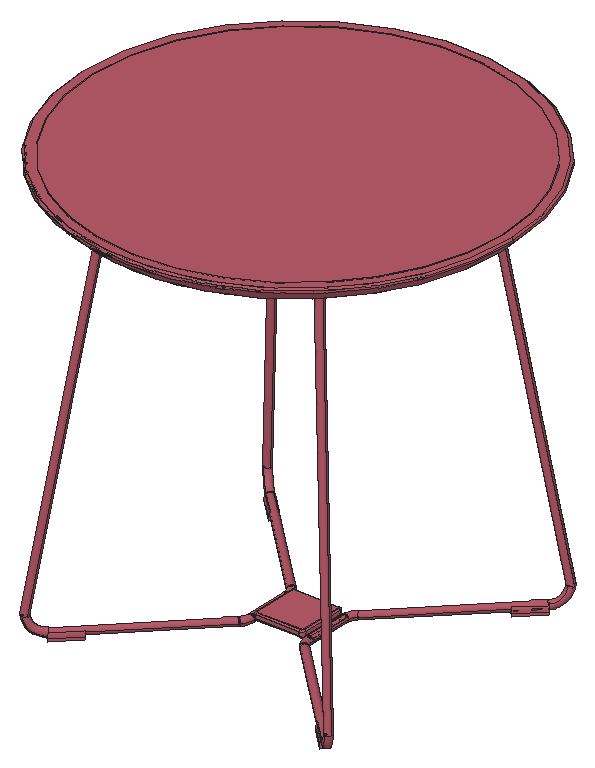
Revit family "LL-KNE-DNTRD30", category Furniture, Revit 2022
Family settings
  OmniClass Number = 23.40.20.00
  OmniClass Title = General Furniture and Specialties
  Work Plane-Based = No
  Always vertical = Yes
  Cut with Voids When Loaded = No
  Render Appearance Source = Family Geometry
  Shared = No
  Room Calculation Point = No
Parameters (values of type "LL-KNE-DNTRD30")
  URL = "https://lolldesigns.com/"
  Model = "LL-KNE-DNTRD30"
  Manufacturer = "Loll Designs"
  Finish Material = Loll-Apple Red
  Default Elevation = 0.000"
Reference planes (in)
  plane 1 "Center (Front/Back)": y = 0
  plane 2: z = 0
  plane 3 "Center (Left/Right)": x = 0
  plane 4: z = 28.38742
  plane 5: z = 29.38742
  plane 6: through (-6.42395, -6.0209, 47.24409) normal (0.7071, -0.7071, 0)
Forms (in)
  Sweep 1, solid, material "Loll-Apple Red" <- "Finish Material"
    path origin (-6.25778, -5.85473, 47.25676) x (0.707107, 0.707107, 0) y (0, 0, 1)
      loop
        line (-1.74969, -19.45766) -> (-6.37249, -45.67484)
    profile origin (-9.12941, -8.72636, 14.69051) x (0.696364, 0.696364, -0.173648) y (0.707107, -0.707107, 0)
      loop
        circle (0, 0.28263) r 0.25
  Sweep 2, solid, material "Loll-Apple Red" <- "Finish Material"
    path origin (-6.18958, -5.78653, 47.32222) x (0.707107, 0.707107, 0) y (0, 0, 1)
      loop
        arc (-6.45091, -45.6279) -> (-6.08848, -46.5029) -> (-5.21348, -46.86533) r 1.23744
    profile origin (-10.49478, -10.09173, 0.81932) x (0.5, 0.5, 0.707107) y (0.707107, -0.707107, 0)
      loop
        circle (0, 0.28726) r 0.25
  Sweep 3, solid, material "Loll-Apple Red" <- "Finish Material"
    path origin (-2.39058, -2.40433, 0) x (1, 0, 0) y (0, 1, 0)
      loop
        line (-7.28641, -7.26957) -> (0.13821, 0.15505)
    profile origin (-5.96469, -5.96159, 0) x (-0.707107, 0.707107, 0) y (0, 0, 1)
      loop
        circle (0, 0.45111) r 0.25
  Sweep 4, solid, material "Loll-Apple Red" <- "Finish Material"
    path origin (0, 0.01562, 0) x (1, 0, 0) y (0, 1, 0)
      loop
        line (-2.00118, 1.58626) -> (-2.00118, -1.59813)
    profile origin (-2.00118, 0.00969, 0) x (1, 0, 0) y (0, 0, 1)
      loop
        circle (0, 0.45313) r 0.25
  Sweep 5, solid, material "Loll-Apple Red" <- "Finish Material"
    path origin (0, 0, 0) x (1, 0, 0) y (0, 1, 0)
      loop
        arc (-2.29935, -2.3005) -> (-2.06549, -1.93106) -> (-2.00361, -1.49821) r 1.04304
    profile origin (-2.06549, -1.93106, 0) x (-0.938281, 0.345873, 0) y (0, 0, 1)
      loop
        circle (0, 0.45312) r 0.25
  Extrusion 6, solid, material "Loll-Apple Red" <- "Finish Material"
    sketch origin (0, 0, 0) x (1, 0, 0) y (0, 1, 0)
      loop
        arc (-3.95888, 1.8163) -> (-3.79955, 1.57784) -> (-3.7436, 1.29657) r 0.735
        line (-3.7436, 1.29657) -> (-3.7436, -1.29657)
        arc (-3.7436, -1.29657) -> (-3.79955, -1.57785) -> (-3.95888, -1.8163) r 0.735
        line (-3.95888, -1.8163) -> (-6.37829, -4.23571)
        arc (-6.37829, -4.23571) -> (-6.58368, -4.59892) -> (-6.57246, -5.01602) r 0.78003
        arc (-6.57246, -5.01602) -> (-6.49152, -5.1772) -> (-6.37829, -5.31759) r 0.847
        line (-6.37829, -5.31759) -> (-6.02474, -5.67115) -> (-2.55181, -2.19822)
        arc (-2.55181, -2.19822) -> (-2.49762, -2.11712) -> (-2.47859, -2.02145) r 0.25
        line (-2.47859, -2.02145) -> (-2.47859, 2.02145)
        arc (-2.47859, 2.02145) -> (-2.49762, 2.11712) -> (-2.55181, 2.19822) r 0.25
        line (-2.55181, 2.19822) -> (-6.02473, 5.67115) -> (-6.37829, 5.31759)
        arc (-6.37829, 5.31759) -> (-6.60236, 4.77665) -> (-6.37829, 4.23571) r 0.765
        line (-6.37829, 4.23571) -> (-3.95888, 1.8163)
      loop
        circle (-5.83736, 4.77665) r 0.23346
      loop
        circle (-3.2286, 0) r 0.23346
      loop
        circle (-5.84132, -4.77681) r 0.23346
    from 28.32662 to 28.38827
  Extrusion 7, solid, material "Loll-Apple Red" <- "Finish Material"
    sketch origin (0, 0, 0) x (1, 0, 0) y (0, 1, 0)
      loop
        line (1.50001, 1.625) -> (-1.49999, 1.625)
        arc (-1.49999, 1.625) -> (-1.58838, 1.58839) -> (-1.62499, 1.5) r 0.125
        line (-1.62499, 1.5) -> (-1.62499, -1.5)
        arc (-1.62499, -1.5) -> (-1.58838, -1.58839) -> (-1.49999, -1.625) r 0.125
        line (-1.49999, -1.625) -> (1.50001, -1.625)
        arc (1.50001, -1.625) -> (1.5884, -1.58839) -> (1.62501, -1.5) r 0.125
        line (1.62501, -1.5) -> (1.62501, 1.5)
        arc (1.62501, 1.5) -> (1.5884, 1.58839) -> (1.50001, 1.625) r 0.125
    from 0.51242 to 1.01242
  Sweep 8, solid, material "Loll-Apple Red" <- "Finish Material"
    path origin (0, 0, 0) x (1, 0, 0) y (0, 1, 0)
      loop
        line (-1.62499, 1.5) -> (-1.62499, -1.5)
        arc (-1.62499, -1.5) -> (-1.58838, -1.58839) -> (-1.49999, -1.625) r 0.125
        line (-1.49999, -1.625) -> (1.50001, -1.625)
        arc (1.50001, -1.625) -> (1.5884, -1.58839) -> (1.62501, -1.5) r 0.125
        line (1.62501, -1.5) -> (1.62501, 1.5)
        arc (1.62501, 1.5) -> (1.5884, 1.58839) -> (1.50001, 1.625) r 0.125
        line (1.50001, 1.625) -> (-1.49999, 1.625)
        arc (-1.49999, 1.625) -> (-1.58838, 1.58839) -> (-1.62499, 1.5) r 0.125
    profile origin (-1.62499, 0, 0) x (1, 0, 0) y (0, 0, 1)
      loop
        line (0, 0.51242) -> (0, 1.01242) -> (-0.125, 0.88742) -> (-0.125, 0.63742) -> (0, 0.51242)
  Extrusion 9, solid, material "Loll-Apple Red" <- "Finish Material"
    sketch origin (0, 0, 0) x (1, 0, 0) y (0, 1, 0)
      loop
        circle (0, -0.00045) r 14.26253
    from 28.38742 to 29.38742
  Sweep 10, solid, material "Loll-Apple Red" <- "Finish Material"
    path origin (0, 0, 0) x (1, 0, 0) y (0, 1, 0)
      loop
        circle (0, -0.00045) r 14.26253
    profile origin (0, -14.26298, 0) x (0, 1, 0) y (0, 0, 1)
      loop
        line (0, 28.38742) -> (0, 29.38742) -> (-0.61218, 29.38742) -> (-0.73597, 29.26363) -> (-0.73597, 29.12339) -> (0, 28.38742)
  Extrusion 11, solid, material "Loll-Apple Red" <- "Finish Material"
    sketch origin (7.01664, -28.98455, 30.21684) x (0.004122, 0.004122, -0.999983) y (-0.707107, 0.707107, 0)
      loop
        line (30.21382, 25.15199) -> (30.21382, 25.76762) -> (30.02911, 25.76762)
        arc (30.02911, 25.76762) -> (29.85269, 25.76072) -> (29.68455, 25.70687) r 0.65374
        line (29.68455, 25.70687) -> (29.68455, 25.21275)
        arc (29.68455, 25.21275) -> (29.85269, 25.15889) -> (30.02911, 25.15199) r 0.65374
        line (30.02911, 25.15199) -> (30.21382, 25.15199)
    from 1.67388 to 3.67818
  Extrusion 12, solid, material "Loll-Apple Red" <- "Finish Material"
    sketch origin (-7.01664, -28.98455, 30.21684) x (-0.004122, 0.004122, -0.999983) y (-0.707107, -0.707107, 0)
      loop
        line (30.21382, -25.15199) -> (30.02911, -25.15199)
        arc (30.02911, -25.15199) -> (29.85269, -25.15889) -> (29.68455, -25.21275) r 0.65374
        line (29.68455, -25.21275) -> (29.68455, -25.70687)
        arc (29.68455, -25.70687) -> (29.85269, -25.76072) -> (30.02911, -25.76762) r 0.65374
        line (30.02911, -25.76762) -> (30.21382, -25.76762) -> (30.21382, -25.15199)
    from 1.67388 to 3.67818
  Extrusion 13, void
    sketch origin (0, 0, 0) x (1, 0, 0) y (0, 1, 0)
      loop
        line (-7.00444, -7.40749) -> (-1.41895, -1.82201)
        arc (-1.41895, -1.82201) -> (-1.48335, -1.48335) -> (-1.822, -1.41895) r 0.30638
        line (-1.822, -1.41895) -> (-7.40749, -7.00444)
        arc (-7.40749, -7.00444) -> (-7.34309, -7.34309) -> (-7.00444, -7.40749) r 0.30638
    from 28.25931 to 28.82492
  Sweep 14, solid, material "Loll-Apple Red" <- "Finish Material"
    path origin (0, 0, 0) x (1, 0, 0) y (0, 1, 0)
      loop
        line (-6.60334, -6.58404) -> (-1.62499, -1.60569)
    profile origin (-4.11417, -4.09487, 0) x (-0.707107, 0.707107, 0) y (0, 0, 1)
      loop
        circle (0, 28.5625) r 0.25
  Sweep 15, solid, material "Loll-Apple Red" <- "Finish Material"
    path origin (-6.17256, -5.76951, 47.25377) x (0.707107, 0.707107, 0) y (0, 0, 1)
      loop
        arc (-0.78546, -18.6532) -> (-1.45371, -18.94234) -> (-1.87547, -19.53587) r 1.35359
    profile origin (-7.20048, -6.79743, 28.31142) x (0.444997, 0.444997, -0.777146) y (0.707107, -0.707107, 0)
      loop
        circle (-0.01285, 0.28359) r 0.25
  Extrusion 16, void
    sketch origin (0, 0, 0) x (1, 0, 0) y (0, 1, 0)
      loop
        arc (-7.00444, 7.40749) -> (-7.34309, 7.34309) -> (-7.40749, 7.00444) r 0.30638
        line (-7.40749, 7.00444) -> (-1.822, 1.41895)
        arc (-1.822, 1.41895) -> (-1.48335, 1.48335) -> (-1.41895, 1.82201) r 0.30638
        line (-1.41895, 1.82201) -> (-7.00444, 7.40749)
    from 28.25931 to 28.82492
  Extrusion 17, void
    sketch origin (0, 0, 0) x (-1, 0, 0) y (0, -1, 0)
      loop
        arc (-7.00444, 7.40749) -> (-7.34309, 7.34309) -> (-7.40749, 7.00444) r 0.30638
        line (-7.40749, 7.00444) -> (-1.822, 1.41895)
        arc (-1.822, 1.41895) -> (-1.48335, 1.48335) -> (-1.41895, 1.82201) r 0.30638
        line (-1.41895, 1.82201) -> (-7.00444, 7.40749)
    from 28.25931 to 28.82492
  Extrusion 18, void
    sketch origin (0, 0, 0) x (-1, 0, 0) y (0, -1, 0)
      loop
        line (-7.00444, -7.40749) -> (-1.41895, -1.82201)
        arc (-1.41895, -1.82201) -> (-1.48335, -1.48335) -> (-1.822, -1.41895) r 0.30638
        line (-1.822, -1.41895) -> (-7.40749, -7.00444)
        arc (-7.40749, -7.00444) -> (-7.34309, -7.34309) -> (-7.00444, -7.40749) r 0.30638
    from 28.25931 to 28.82492
  Sweep 19, solid, material "Loll-Apple Red" <- "Finish Material"
    path origin (-6.25778, 5.85473, 47.25676) x (0.707107, -0.707107, 0) y (0, 0, -1)
      loop
        line (-1.74969, 19.45766) -> (-6.37249, 45.67484)
    profile origin (-9.12941, 8.72636, 14.69051) x (-0.696364, 0.696364, 0.173648) y (0.707107, 0.707107, 0)
      loop
        circle (0, 0.28263) r 0.25
  Sweep 20, solid, material "Loll-Apple Red" <- "Finish Material"
    path origin (-6.18958, 5.78653, 47.32222) x (0.707107, -0.707107, 0) y (0, 0, -1)
      loop
        arc (-6.45091, 45.6279) -> (-6.08848, 46.5029) -> (-5.21348, 46.86533) r 1.23744
    profile origin (-10.49478, 10.09173, 0.81932) x (-0.5, 0.5, -0.707107) y (0.707107, 0.707107, 0)
      loop
        circle (0, 0.28726) r 0.25
  Sweep 21, solid, material "Loll-Apple Red" <- "Finish Material"
    path origin (-2.39058, 2.40433, 0) x (1, 0, 0) y (0, 1, 0)
      loop
        line (-7.28641, 7.26957) -> (0.13821, -0.15505)
    profile origin (-5.96469, 5.96159, 0) x (0.707107, 0.707107, 0) y (0, 0, 1)
      loop
        circle (0, 0.45111) r 0.25
  Sweep 22, solid, material "Loll-Apple Red" <- "Finish Material"
    path origin (0, -0.01562, 0) x (1, 0, 0) y (0, 1, 0)
      loop
        line (-2.00118, -1.58626) -> (-2.00118, 1.59813)
    profile origin (-2.00118, -0.00969, 0) x (-1, 0, 0) y (0, 0, 1)
      loop
        circle (0, 0.45313) r 0.25
  Sweep 23, solid, material "Loll-Apple Red" <- "Finish Material"
    path origin (0, 0, 0) x (1, 0, 0) y (0, 1, 0)
      loop
        arc (-2.29935, 2.3005) -> (-2.06549, 1.93106) -> (-2.00361, 1.49821) r 1.04304
    profile origin (-2.06549, 1.93106, 0) x (0.938281, 0.345873, 0) y (0, 0, 1)
      loop
        circle (0, 0.45312) r 0.25
  Extrusion 24, solid, material "Loll-Apple Red" <- "Finish Material"
    sketch origin (7.01664, 28.98455, 30.21684) x (0.004122, -0.004122, -0.999983) y (0.707107, 0.707107, 0)
      loop
        line (30.21382, -25.15199) -> (30.02911, -25.15199)
        arc (30.02911, -25.15199) -> (29.85269, -25.15889) -> (29.68455, -25.21275) r 0.65374
        line (29.68455, -25.21275) -> (29.68455, -25.70687)
        arc (29.68455, -25.70687) -> (29.85269, -25.76072) -> (30.02911, -25.76762) r 0.65374
        line (30.02911, -25.76762) -> (30.21382, -25.76762) -> (30.21382, -25.15199)
    from 1.67388 to 3.67818
  Sweep 25, solid, material "Loll-Apple Red" <- "Finish Material"
    path origin (0, 0, 0) x (1, 0, 0) y (0, 1, 0)
      loop
        line (-6.60334, 6.58404) -> (-1.62499, 1.60569)
    profile origin (-4.11417, 4.09487, 0) x (0.707107, 0.707107, 0) y (0, 0, 1)
      loop
        circle (0, 28.5625) r 0.25
  Sweep 26, solid, material "Loll-Apple Red" <- "Finish Material"
    path origin (-6.17256, 5.76951, 47.25377) x (0.707107, -0.707107, 0) y (0, 0, -1)
      loop
        arc (-0.78546, 18.6532) -> (-1.45371, 18.94234) -> (-1.87547, 19.53587) r 1.35359
    profile origin (-7.20048, 6.79743, 28.31142) x (-0.444997, 0.444997, 0.777146) y (0.707107, 0.707107, 0)
      loop
        circle (0.01285, 0.28359) r 0.25
  Sweep 27, solid, material "Loll-Apple Red" <- "Finish Material"
    path origin (6.25778, -5.85473, 47.25676) x (-0.707107, 0.707107, 0) y (0, 0, -1)
      loop
        line (-1.74969, 19.45766) -> (-6.37249, 45.67484)
    profile origin (9.12941, -8.72636, 14.69051) x (0.696364, -0.696364, 0.173648) y (-0.707107, -0.707107, 0)
      loop
        circle (0, 0.28263) r 0.25
  Sweep 28, solid, material "Loll-Apple Red" <- "Finish Material"
    path origin (6.18958, -5.78653, 47.32222) x (-0.707107, 0.707107, 0) y (0, 0, -1)
      loop
        arc (-6.45091, 45.6279) -> (-6.08848, 46.5029) -> (-5.21348, 46.86533) r 1.23744
    profile origin (10.49478, -10.09173, 0.81932) x (0.5, -0.5, -0.707107) y (-0.707107, -0.707107, 0)
      loop
        circle (0, 0.28726) r 0.25
  Sweep 29, solid, material "Loll-Apple Red" <- "Finish Material"
    path origin (2.39058, -2.40433, 0) x (-1, 0, 0) y (0, -1, 0)
      loop
        line (-7.28641, 7.26957) -> (0.13821, -0.15505)
    profile origin (5.96469, -5.96159, 0) x (-0.707107, -0.707107, 0) y (0, 0, 1)
      loop
        circle (0, 0.45111) r 0.25
  Sweep 30, solid, material "Loll-Apple Red" <- "Finish Material"
    path origin (0, 0.01562, 0) x (-1, 0, 0) y (0, -1, 0)
      loop
        line (-2.00118, -1.58626) -> (-2.00118, 1.59813)
    profile origin (2.00118, 0.00969, 0) x (1, 0, 0) y (0, 0, 1)
      loop
        circle (0, 0.45313) r 0.25
  Sweep 31, solid, material "Loll-Apple Red" <- "Finish Material"
    path origin (0, 0, 0) x (-1, 0, 0) y (0, -1, 0)
      loop
        arc (-2.29935, 2.3005) -> (-2.06549, 1.93106) -> (-2.00361, 1.49821) r 1.04304
    profile origin (2.06549, -1.93106, 0) x (-0.938281, -0.345873, 0) y (0, 0, 1)
      loop
        circle (0, 0.45312) r 0.25
  Extrusion 32, solid, material "Loll-Apple Red" <- "Finish Material"
    sketch origin (-7.01664, -28.98455, 30.21684) x (-0.004122, 0.004122, -0.999983) y (-0.707107, -0.707107, 0)
      loop
        line (30.21382, -25.15199) -> (30.02911, -25.15199)
        arc (30.02911, -25.15199) -> (29.85269, -25.15889) -> (29.68455, -25.21275) r 0.65374
        line (29.68455, -25.21275) -> (29.68455, -25.70687)
        arc (29.68455, -25.70687) -> (29.85269, -25.76072) -> (30.02911, -25.76762) r 0.65374
        line (30.02911, -25.76762) -> (30.21382, -25.76762) -> (30.21382, -25.15199)
    from 1.67388 to 3.67818
  Sweep 33, solid, material "Loll-Apple Red" <- "Finish Material"
    path origin (0, 0, 0) x (-1, 0, 0) y (0, -1, 0)
      loop
        line (-6.60334, 6.58404) -> (-1.62499, 1.60569)
    profile origin (4.11417, -4.09487, 0) x (-0.707107, -0.707107, 0) y (0, 0, 1)
      loop
        circle (0, 28.5625) r 0.25
  Sweep 34, solid, material "Loll-Apple Red" <- "Finish Material"
    path origin (6.17256, -5.76951, 47.25377) x (-0.707107, 0.707107, 0) y (0, 0, -1)
      loop
        arc (-0.78546, 18.6532) -> (-1.45371, 18.94234) -> (-1.87547, 19.53587) r 1.35359
    profile origin (7.20048, -6.79743, 28.31142) x (0.444997, -0.444997, 0.777146) y (-0.707107, -0.707107, 0)
      loop
        circle (0.01285, 0.28359) r 0.25
  Sweep 35, solid, material "Loll-Apple Red" <- "Finish Material"
    path origin (6.25778, 5.85473, 47.25676) x (-0.707107, -0.707107, 0) y (0, 0, 1)
      loop
        line (-1.74969, -19.45766) -> (-6.37249, -45.67484)
    profile origin (9.12941, 8.72636, 14.69051) x (-0.696364, -0.696364, -0.173648) y (-0.707107, 0.707107, 0)
      loop
        circle (0, 0.28263) r 0.25
  Sweep 36, solid, material "Loll-Apple Red" <- "Finish Material"
    path origin (6.18958, 5.78653, 47.32222) x (-0.707107, -0.707107, 0) y (0, 0, 1)
      loop
        arc (-6.45091, -45.6279) -> (-6.08848, -46.5029) -> (-5.21348, -46.86533) r 1.23744
    profile origin (10.49478, 10.09173, 0.81932) x (-0.5, -0.5, 0.707107) y (-0.707107, 0.707107, 0)
      loop
        circle (0, 0.28726) r 0.25
  Sweep 37, solid, material "Loll-Apple Red" <- "Finish Material"
    path origin (2.39058, 2.40433, 0) x (-1, 0, 0) y (0, -1, 0)
      loop
        line (-7.28641, -7.26957) -> (0.13821, 0.15505)
    profile origin (5.96469, 5.96159, 0) x (0.707107, -0.707107, 0) y (0, 0, 1)
      loop
        circle (0, 0.45111) r 0.25
  Sweep 38, solid, material "Loll-Apple Red" <- "Finish Material"
    path origin (0, -0.01562, 0) x (-1, 0, 0) y (0, -1, 0)
      loop
        line (-2.00118, 1.58626) -> (-2.00118, -1.59813)
    profile origin (2.00118, -0.00969, 0) x (-1, 0, 0) y (0, 0, 1)
      loop
        circle (0, 0.45313) r 0.25
  Sweep 39, solid, material "Loll-Apple Red" <- "Finish Material"
    path origin (0, 0, 0) x (-1, 0, 0) y (0, -1, 0)
      loop
        arc (-2.29935, -2.3005) -> (-2.06549, -1.93106) -> (-2.00361, -1.49821) r 1.04304
    profile origin (2.06549, 1.93106, 0) x (0.938281, -0.345873, 0) y (0, 0, 1)
      loop
        circle (0, 0.45312) r 0.25
  Extrusion 40, solid, material "Loll-Apple Red" <- "Finish Material"
    sketch origin (-7.01664, 28.98455, 30.21684) x (-0.004122, -0.004122, -0.999983) y (0.707107, -0.707107, 0)
      loop
        line (30.21382, 25.15199) -> (30.21382, 25.76762) -> (30.02911, 25.76762)
        arc (30.02911, 25.76762) -> (29.85269, 25.76072) -> (29.68455, 25.70687) r 0.65374
        line (29.68455, 25.70687) -> (29.68455, 25.21275)
        arc (29.68455, 25.21275) -> (29.85269, 25.15889) -> (30.02911, 25.15199) r 0.65374
        line (30.02911, 25.15199) -> (30.21382, 25.15199)
    from 1.67388 to 3.67818
  Sweep 41, solid, material "Loll-Apple Red" <- "Finish Material"
    path origin (0, 0, 0) x (-1, 0, 0) y (0, -1, 0)
      loop
        line (-6.60334, -6.58404) -> (-1.62499, -1.60569)
    profile origin (4.11417, 4.09487, 0) x (0.707107, -0.707107, 0) y (0, 0, 1)
      loop
        circle (0, 28.5625) r 0.25
  Sweep 42, solid, material "Loll-Apple Red" <- "Finish Material"
    path origin (6.17256, 5.76951, 47.25377) x (-0.707107, -0.707107, 0) y (0, 0, 1)
      loop
        arc (-0.78546, -18.6532) -> (-1.45371, -18.94234) -> (-1.87547, -19.53587) r 1.35359
    profile origin (7.20048, 6.79743, 28.31142) x (-0.444997, -0.444997, -0.777146) y (-0.707107, 0.707107, 0)
      loop
        circle (-0.01285, 0.28359) r 0.25
  Extrusion 43, solid, material "Loll-Apple Red" <- "Finish Material"
    sketch origin (0, 0, 0) x (1, 0, 0) y (0, 1, 0)
      loop
        line (-0.74999, 1.375) -> (-1.49999, 1.375) -> (-1.67688, 1.29966) -> (-1.74999, 1.125) -> (-1.74999, -1.125) -> (-1.67677, -1.30358) -> (-1.49999, -1.375) -> (-0.74999, -1.375) -> (-0.57321, -1.30358) -> (-0.49999, -1.125) -> (-0.49999, 1.125) -> (-0.5731, 1.29966) -> (-0.74999, 1.375)
      loop
        circle (-1.12245, 0.87539) r 0.23147
      loop
        circle (-1.12245, -0.87461) r 0.23147
      loop
        line (0.74999, 1.375) -> (0.5731, 1.29966) -> (0.49999, 1.125) -> (0.49999, -1.125) -> (0.57321, -1.30358) -> (0.74999, -1.375) -> (1.49999, -1.375) -> (1.67677, -1.30358) -> (1.74999, -1.125) -> (1.74999, 1.125) -> (1.67688, 1.29966) -> (1.49999, 1.375) -> (0.74999, 1.375)
      loop
        circle (1.12245, 0.87539) r 0.23147
      loop
        circle (1.12245, -0.87461) r 0.23147
    from 0.38912 to 0.51242
  Extrusion 44, void
    sketch origin (0, 0, 0) x (1, 0, 0) y (0, 1, 0)
      loop
        line (-0.42474, -0.69784) -> (0.42474, -0.69784) -> (0.57497, -0.63714) -> (0.63518, -0.48812) -> (0.63518, 0.48767) -> (0.57367, 0.63582) -> (0.42512, 0.69736) -> (0, 0.69736) -> (-0.42512, 0.69736) -> (-0.57367, 0.63582) -> (-0.63518, 0.48767) -> (-0.63518, -0.48812) -> (-0.57497, -0.63714) -> (-0.42474, -0.69784)
    from 28.29716 to 28.44992
  Extrusion 45, solid, material "Loll-Apple Red" <- "Finish Material"
    sketch origin (0, 0, 0) x (-1, 0, 0) y (0, -1, 0)
      loop
        line (-3.95888, -1.8163) -> (-6.37829, -4.23571)
        arc (-6.37829, -4.23571) -> (-6.60236, -4.77665) -> (-6.37829, -5.31759) r 0.765
        line (-6.37829, -5.31759) -> (-6.02473, -5.67115) -> (-2.55181, -2.19822)
        arc (-2.55181, -2.19822) -> (-2.49762, -2.11712) -> (-2.47859, -2.02145) r 0.25
        line (-2.47859, -2.02145) -> (-2.47859, 2.02145)
        arc (-2.47859, 2.02145) -> (-2.49762, 2.11712) -> (-2.55181, 2.19822) r 0.25
        line (-2.55181, 2.19822) -> (-6.02474, 5.67115) -> (-6.37829, 5.31759)
        arc (-6.37829, 5.31759) -> (-6.49152, 5.1772) -> (-6.57246, 5.01602) r 0.847
        arc (-6.57246, 5.01602) -> (-6.58368, 4.59892) -> (-6.37829, 4.23571) r 0.78003
        line (-6.37829, 4.23571) -> (-3.95888, 1.8163)
        arc (-3.95888, 1.8163) -> (-3.79955, 1.57785) -> (-3.7436, 1.29657) r 0.735
        line (-3.7436, 1.29657) -> (-3.7436, -1.29657)
        arc (-3.7436, -1.29657) -> (-3.79955, -1.57784) -> (-3.95888, -1.8163) r 0.735
      loop
        circle (-5.83736, -4.77665) r 0.23346
      loop
        circle (-3.2286, 0) r 0.23346
      loop
        circle (-5.84132, 4.77681) r 0.23346
    from 28.32662 to 28.38827
Cuts and joins
  Extrusion 13 cuts Sweep 3
  Extrusion 13 cuts Sweep 4
  Extrusion 13 cuts Sweep 5
  Extrusion 13, Extrusion 44 cuts Extrusion 7
  Extrusion 13 cuts Sweep 8
  Extrusion 13, Extrusion 16, Extrusion 17, Extrusion 18, Extrusion 44 cuts Extrusion 9
  Extrusion 16, Extrusion 17, Extrusion 18 cuts Extrusion 6
  Extrusion 16, Extrusion 17 cuts Sweep 14
  Extrusion 16, Extrusion 17 cuts Sweep 15
  Extrusion 44 cuts Extrusion 43
Dimensions and locks (in)
  aligned and locked: level to plane 2
